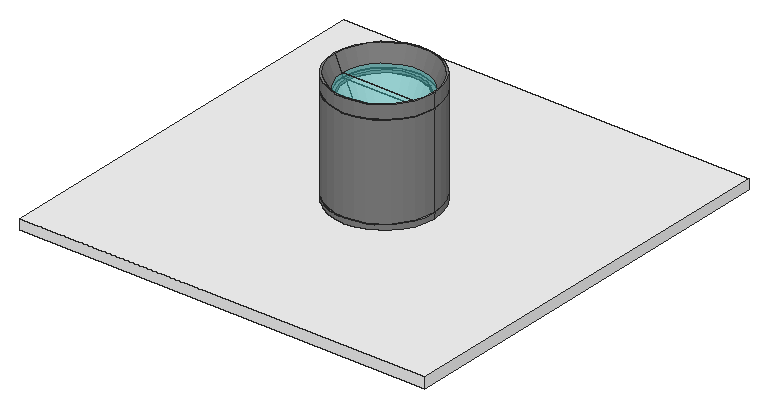
Revit family "24425_BEGA_Revit", category Lighting Fixtures, host Face, Revit 2019
Family settings
  Host = Face
  Round Connector Dimension = Use Diameter
  Part Type = Normal
  Cut with Voids When Loaded = Yes
  Light Source = Yes
  Shared = No
  Room Calculation Point = Yes
Parameters (values of type "24425_BEGA_Revit")
  Voltage = 120 V
  Update = "2019-07-01T04:00:23"
  URL = "www.bega-us.com"
  Type Image = BEGA_Logo.png
  Type Comments = "© 2019 BEGA. Technical amendments reserved."
  Serial_number [instance] = "Here you can enter the individual serial number for use in facility management."
  Protection_class = "IP 65"
  Product_data_sheet = "www.bega-us.com"
  Order_number = "24425"
  Model = "24425"
  Material_17 = BEGA_reflector
  Material_15 = BEGA_lighting_medium_matt
  Material_11 = BEGA_glass_opal
  Material_09 = BEGA_glass_clear
  Material_06 = BEGA_finishes_stainless_steel_brushed
  Material_03 = BEGA_finishes_white_matt
  Material_02 = BEGA_finishes_silver_matt
  Material_01 [instance] = BEGA_finishes_graphite_matt
  Manufacturer = "BEGA"  # constant formula
  M_W = no
  M_G = yes
  M_A = no
  Luminaire_luminous_flux = "766 lm"
  Logo = 0
  Load_Classification = Lighting
  Lamp = "LED 8.0 W"
  Half_beam_angle = ""
  Fixing_hole = "Ø 4,3 mm"
  Fixing_distance = "76 mm"
  built-in parameter 1150104 = 11.148 (stored number, unit not read)
  Wattage = 6.38333 W
  Description = "Ceiling mounted downlight"
  Default Elevation = 0 mm
  built-in parameter 1150113 = 1 (stored number, unit not read)
  Connected_wattage [instance] = "12.0 W"
  Colour_temperature = "4000 K"
  Colour_rendering_index = "CRI > 80"
  Bega_IES = yes
  built-in parameter 1114218 = 1 (stored number, unit not read)
  built-in parameter 1150134 = 12
  built-in parameter 1150109 = 1 (stored number, unit not read)
  built-in parameter 1150110 = 1 (stored number, unit not read)
  Tilt Angle = 0.00°
  built-in parameter 1114217 = 1 (stored number, unit not read)
  built-in parameter 1150139 = (empty or 0)
  built-in parameter 1150105 = 60.956 (stored number, unit not read)
  built-in parameter 1150114 = 1 (stored number, unit not read)
  Lumens = 766 lm
  built-in parameter 1150115 = 1 (stored number, unit not read)
  built-in parameter 1150112 = 1 (stored number, unit not read)
  Dimming Lamp Color Temperature Shift = <None>
  Color Filter = 16777215
  BEGA_internal_structure = yes
  BEGA_internal_on = yes
  BEGA_internal_off = yes
  BEGA_internal = yes
  BEGA_dummy = no
  built-in parameter 1150133 = 10 (stored number, unit not read)
  built-in parameter 1150137 = (empty or 0)
  built-in parameter 1150132 = 2
  Photometric Web File = "24425K4_BEGA_IES.IES"
  built-in parameter 1150106 = 0.60956 (stored number, unit not read)
  built-in parameter 1150107 = 4000 (stored number, unit not read)
  built-in parameter 1150102 = (empty or 0)
  built-in parameter 1150138 = (empty or 0)
  Apparent Load = 0 VA
Reference planes
  plane 1 "Center (Front/Back)": y = 0
  plane 2: z = 0
  plane 3 "Center (Left/Right)": x = 0
  plane 4 "left": x = -50
  plane 5 "right": x = 50
  plane 6 "down": y = -50
  plane 7 "up": y = 50
  plane 8 "Back": z = 0
  plane 9 "Front": z = 111.4
Forms (mm)
  Extrusion 1, solid, material "BEGA_plate_white"
    sketch origin (0, 0, 0) x (1, 0, 0) y (0, 1, 0)
      loop
        line (-200, 200) -> (-200, -200) -> (200, -200) -> (200, 200) -> (-200, 200)
    from 0 to -10
  Extrusion 2, solid, material "BEGA_Dummy_matt", visible <- "BEGA_dummy"
    sketch origin (77.149, -76.023, 0) x (1, 0, 0) y (0, 1, 0)
      loop
        circle (-77.149, 76.023) r 50
    from 0 to 111.4
Dimensions and locks
  aligned and locked: plane 2 to Extrusion 1
  aligned and locked: level to Extrusion 1
Nested families
  nested 1: "24425_BEGA_Revit" at (0, 0, 0), type "24425_BEGA_Revit"
Connectors
  electrical at (0, 0, 0), driven by "Apparent Load", driven by "Load_Classification", driven by "Voltage"
    settings: on Extrusion 1, index 1, voltage 120 V, apparent load 0 VA, apparent load phase1 0 VA, apparent load phase2 0 VA, apparent load phase3 0 VA, power factor 1, load classification "Lighting", number of poles 1, system type 31, power factor state 1, is connector primary yes, connector utility no, sub classification motor no, connector description ""
Definition of nested family "24425_BEGA_Revit"
  Parameters (values of type "BE_24399")
    Default Elevation = 1 mm
    URL = "http://www.bega.de/de/produkt"
    Type Comments = "© 2015 BEGA. Wir behalten uns das Recht vor, technische Änderungen ohne vorherige Ankündigung vorzunehmen. "  # constant formula
    Type Image = (empty or 0)
    Neigungswinkel_um_Z2 = 0.00°
    Neigungswinkel_um_Z1 = 0.00°
    Neigungswinkel_um_Y2 = 0.00°
    Neigungswinkel_um_Y1 = 0.00°
    Neigungswinkel_um_X2 = 0.00°
    Neigungswinkel_um_X1 = 0.00°
    Material_17 = none
    Material_15 = none
    Material_11 = none
    Material_09 = none
    Material_06 = none
    Material_03 = none
    Material_02 = none
    Material_01 = none
    M_W = yes
    M_G = yes
    M_A = yes
    Länge_Platte = 200 mm  # constant formula
    Höhe_Platte = -10 mm  # constant formula
    Manufacturer = "BEGA"  # constant formula
    Drehwinkel_um_Z2 = 0.00°
    Drehwinkel_um_Z1 = 0.00°
    Breite_Platte = 200 mm  # constant formula
  Reference planes
    plane 1 "Mitte (Oben/Unten)": y = 0
    plane 2: z = 0
    plane 3 "Mitte (Links/Rechts)": x = 0
    plane 4 "Vorne": z = 111.4
    plane 5 "Hinten": z = -25
    plane 6 "Links": x = -50
    plane 7 "Oben": y = 50
    plane 8 "Unten": y = -50
    plane 9: x = 50
  Forms (mm)
    Extrusion 1, solid, detail levels medium
      sketch origin (0, 0, 0) x (1, 0, 0) y (0, 1, 0)
        loop
          line (-100, 100) -> (-100, -100) -> (100, -100) -> (100, 100) -> (-100, 100)
      from 0 to -10 <- "Höhe_Platte"
    Revolve 2, solid, material <- "Material_01", visible <- "M_G"
      sketch origin (0, 0, 0) x (1, 0, 0) y (0, 0, 1)
        loop
          line (-50, 111.4) -> (-50, 98.417) -> (-47.884, 98.194) -> (-45.886, 94.734) -> (-47, 94.091) -> (-47, 85.55) -> (-45.078, 84.9) -> (-42.843, 84.9) -> (-42.651, 90.4) -> (-38.087, 90.4) -> (-38, 92.9) -> (-41.306, 92.9) -> (-48.5, 111.4) -> (-50, 111.4)
        axis (0, 111.4) -> (0, 84.9)
      angle from 0 to 360
    Revolve 3, solid, material <- "Material_01", visible <- "M_G"
      sketch origin (0, 0, 0) x (1, 0, 0) y (0, 0, 1)
        loop
          line (-50, 97.4) -> (-50, 6) -> (-47.965, 6) -> (-47.303, 24.964) -> (-40.001, 24.964) -> (-39.417, 41.7) -> (0, 41.7) -> (0, 46.7) -> (-38.893, 46.7) -> (-40, 78.398) -> (-47.293, 78.398) -> (-48, 94.4) -> (-49.092, 97.4) -> (-50, 97.4)
        axis (0, 6) -> (0, 97.4)
      angle from 0 to 360
    Revolve 4, solid, material <- "Material_17"
      sketch origin (0, 0, 0) x (1, 0, 0) y (0, 0, 1)
        loop
          line (-41.5, 89.2) -> (-38.478, 89.2)
          arc (-38.478, 89.2) -> (-29.406, 69.485) -> (-18.265, 50.861) r 201.35
          arc (-18.265, 50.861) -> (-17.747, 50.387) -> (-17.071, 50.2) r 1.5
          line (-17.071, 50.2) -> (-15.5, 50.2)
          arc (-15.5, 50.2) -> (-15.113, 50.384) -> (-15.01, 50.8) r 0.5
          arc (-15.01, 50.8) -> (-15.113, 51.216) -> (-15.5, 51.4) r 0.5
          line (-15.5, 51.4) -> (-16.996, 51.4)
          arc (-16.996, 51.4) -> (-28.322, 70.334) -> (-37.493, 90.4) r 199.946
          line (-37.493, 90.4) -> (-41.458, 90.4) -> (-41.5, 89.2)
        axis (0, 50.2) -> (0, 90.4)
      angle from 0 to 360
    Revolve 5, solid, material <- "Material_09"
      sketch origin (0, 0, 0) x (1, 0, 0) y (0, 0, 1)
        loop
          line (0, 97) -> (-41, 97) -> (-41, 92.9) -> (0, 92.9) -> (0, 97)
        axis (0, 92.9) -> (0, 97)
      angle from 0 to 360
    Revolve 6, solid, material <- "Material_03", visible <- "M_W"
      sketch origin (0, 0, 0) x (1, 0, 0) y (0, 0, 1)
        loop
          line (-50, 111.4) -> (-50, 98.417) -> (-47.884, 98.194) -> (-45.886, 94.734) -> (-47, 94.091) -> (-47, 85.55) -> (-45.078, 84.9) -> (-42.843, 84.9) -> (-42.651, 90.4) -> (-38.087, 90.4) -> (-38, 92.9) -> (-41.306, 92.9) -> (-48.5, 111.4) -> (-50, 111.4)
        axis (0, 111.4) -> (0, 84.9)
      angle from 0 to 360
    Revolve 7, solid, material <- "Material_03", visible <- "M_W"
      sketch origin (0, 0, 0) x (1, 0, 0) y (0, 0, 1)
        loop
          line (-50, 97.4) -> (-50, 6) -> (-47.965, 6) -> (-47.303, 24.964) -> (-40.001, 24.964) -> (-39.417, 41.7) -> (0, 41.7) -> (0, 46.7) -> (-38.893, 46.7) -> (-40, 78.398) -> (-47.293, 78.398) -> (-48, 94.4) -> (-49.092, 97.4) -> (-50, 97.4)
        axis (0, 6) -> (0, 97.4)
      angle from 0 to 360
    Revolve 8, solid, material <- "Material_15"
      sketch origin (0, 0, 0) x (1, 0, 0) y (0, 0, 1)
        loop
          line (-13.933, 48.423) -> (0, 48.423) -> (0, 49.205) -> (-13.933, 49.205) -> (-13.933, 48.423)
        axis (0, 48.423) -> (0, 49.423)
      angle from 0 to 360
    Revolve 9, solid, material <- "Material_01", visible <- "M_G"
      sketch origin (0, 0, 0) x (1, 0, 0) y (0, 0, 1)
        loop
          line (0, 16) -> (-38.731, 16) -> (-42.91, 16) -> (-42.91, 18.5) -> (-47, 18.5) -> (-47, 5.299) -> (-50, 4.983) -> (-50, 0) -> (-43.105, 0) -> (-42.651, 13) -> (0, 13) -> (0, 16)
        axis (0, 18.5) -> (0, 0)
      angle from 0 to 360
    Extrusion 10, solid, material <- "Material_01", visible <- "M_G"
      sketch origin (0, 0, 0) x (1, 0, 0) y (0, 1, 0)
        loop
          circle (-38, 0) r 6.17
        loop
          circle (38, 0) r 6.17
        loop
          circle (-38, 0) r 2.145
        loop
          circle (38, 0) r 2.145
      from 0 to 19.705
    Revolve 11, solid, material <- "Material_03", visible <- "M_W"
      sketch origin (0, 0, 0) x (1, 0, 0) y (0, 0, 1)
        loop
          line (0, 16) -> (-38.731, 16) -> (-42.91, 16) -> (-42.91, 18.5) -> (-47, 18.5) -> (-47, 5.299) -> (-50, 4.983) -> (-50, 0) -> (-43.105, 0) -> (-42.651, 13) -> (0, 13) -> (0, 16)
        axis (0, 18.5) -> (0, 0)
      angle from 0 to 360
    Extrusion 12, solid, material <- "Material_03", visible <- "M_W"
      sketch origin (0, 0, 0) x (1, 0, 0) y (0, 1, 0)
        loop
          circle (-38, 0) r 6.17
        loop
          circle (38, 0) r 6.17
        loop
          circle (-38, 0) r 2.145
        loop
          circle (38, 0) r 2.145
      from 0 to 19.705
    Extrusion 13, void
      sketch origin (0, 0, 0) x (1, 0, 0) y (0, 1, 0)
        loop
          circle (0, 29) r 7.197
      from 10.843 to 18.77
  Cuts and joins
    Extrusion 13 cuts Revolve 9
    Extrusion 13 cuts Extrusion 10
    joined: Revolve 9, Extrusion 10
    Extrusion 13 cuts Revolve 11
    Extrusion 13 cuts Extrusion 12
    joined: Revolve 11, Extrusion 12
    Extrusion 13 cuts Revolve 3
    Extrusion 13 cuts Revolve 4
    Extrusion 13 cuts Revolve 5
    Extrusion 13 cuts Revolve 7
  Dimensions and locks
    equal spacing: Extrusion 1 sketch curve, plane 3 "Mitte (Links/Rechts)", Extrusion 1 sketch curve
    equal spacing: Extrusion 1 sketch curve, plane 1 "Mitte (Oben/Unten)", Extrusion 1 sketch curve
    "Länge_Platte": Extrusion 1 sketch curve to Extrusion 1 sketch curve
    "Breite_Platte": Extrusion 1 sketch curve to Extrusion 1 sketch curve
    aligned and locked: plane 2 to Extrusion 1
    aligned and locked: level to Extrusion 1
  Automatic sketch dimensions
    Revolve 2 sketch curve to plane 3 "Mitte (Links/Rechts)" = 0 mm
    Revolve 2 sketch curve to Revolve 2 sketch curve = 0.087 mm
    Revolve 2 sketch curve to Revolve 2 sketch curve = 0.192 mm
    Revolve 2 sketch curve to Revolve 2 sketch curve = 2.235 mm
    Revolve 2 sketch curve to Revolve 2 sketch curve = 1.922 mm
    Revolve 2 sketch curve to Revolve 2 sketch curve = 1.998 mm
    Revolve 2 sketch curve to Revolve 2 sketch curve = 0.616 mm
    Revolve 2 sketch curve to Revolve 2 sketch curve = 1.5 mm
    level to Revolve 2 sketch curve = 84.9 mm
    Revolve 2 sketch curve to Revolve 2 sketch curve = 0.65 mm
    Revolve 2 sketch curve to Revolve 2 sketch curve = 5.5 mm
    Revolve 2 sketch curve to Revolve 2 sketch curve = 2.5 mm
    Revolve 2 sketch curve to Revolve 2 sketch curve = 3.691 mm
    Revolve 2 sketch curve to Revolve 2 sketch curve = 0.643 mm
    Revolve 2 sketch curve to Revolve 2 sketch curve = 0.222 mm
    Revolve 2 sketch curve to Revolve 2 sketch curve = 12.983 mm
    Revolve 2 sketch curve to Revolve 2 sketch curve = 3.306 mm
    Revolve 2 sketch curve to Revolve 2 sketch curve = 8.578 mm
    Revolve 2 sketch curve to Revolve 2 sketch curve = 6.422 mm
    Revolve 2 sketch curve to plane 3 "Mitte (Links/Rechts)" = 38 mm
    Revolve 2 sketch curve to Revolve 2 sketch curve = 1.345 mm
    Revolve 2 sketch curve to Revolve 2 sketch curve = 1.114 mm
    Revolve 3 sketch curve to plane 3 "Mitte (Links/Rechts)" = 0 mm  (x2)
    Revolve 3 sketch curve to Revolve 3 sketch curve = 38.893 mm
    Revolve 3 sketch curve to Revolve 3 sketch curve = 0.524 mm
    Revolve 3 sketch curve to Revolve 3 sketch curve = 1.107 mm
    Revolve 3 sketch curve to Revolve 3 sketch curve = 0.584 mm
    Revolve 3 sketch curve to Revolve 3 sketch curve = 7.293 mm
    Revolve 3 sketch curve to Revolve 3 sketch curve = 7.302 mm
    level to Revolve 3 sketch curve = 6 mm
    Revolve 3 sketch curve to Revolve 3 sketch curve = 0.662 mm
    Revolve 3 sketch curve to Revolve 3 sketch curve = 0.707 mm
    Revolve 3 sketch curve to Revolve 3 sketch curve = 1.092 mm
    Revolve 3 sketch curve to Revolve 3 sketch curve = 0.908 mm
    Revolve 3 sketch curve to Revolve 3 sketch curve = 18.964 mm
    Revolve 3 sketch curve to Revolve 3 sketch curve = 16.736 mm
    Revolve 3 sketch curve to Revolve 3 sketch curve = 5 mm
    Revolve 3 sketch curve to Revolve 3 sketch curve = 31.698 mm  (x2)
    Revolve 3 sketch curve to Revolve 3 sketch curve = 16.002 mm
    Revolve 3 sketch curve to Revolve 3 sketch curve = 3 mm
    Revolve 3 sketch curve to Revolve 3 sketch curve = 26.486 mm
    Revolve 4 sketch curve to plane 3 "Mitte (Links/Rechts)" = 0 mm
    Revolve 4 sketch curve to plane 3 "Mitte (Links/Rechts)" = 15.5 mm
    Revolve 4 sketch curve to Revolve 4 sketch curve = 0 mm  (x2)
    Revolve 4 sketch curve to Revolve 4 sketch curve = 1.496 mm
    Revolve 4 sketch curve to Revolve 4 sketch curve = 0.025 mm
    Revolve 4 sketch curve to Revolve 4 sketch curve = 0.075 mm
    Revolve 4 sketch curve to plane 3 "Mitte (Links/Rechts)" = 37.493 mm
    Revolve 4 sketch curve to Revolve 4 sketch curve = 0.985 mm
    Revolve 4 sketch curve to Revolve 4 sketch curve = 2.98 mm
    Revolve 4 sketch curve to Revolve 4 sketch curve = 0.042 mm
    Revolve 4 sketch curve to Revolve 4 sketch curve = 0.037 mm  (x2)
    level to Revolve 4 sketch curve = 50.2 mm
    Revolve 4 sketch curve to Revolve 4 sketch curve = 0.5 mm  (x2)
    Revolve 4 sketch curve to Revolve 4 sketch curve = 0.2 mm
    Revolve 4 sketch curve to Revolve 4 sketch curve = 0.299 mm
    Revolve 4 sketch curve to Revolve 4 sketch curve = 37.501 mm
    Revolve 4 sketch curve to Revolve 4 sketch curve = 1.2 mm
    Revolve 4 sketch curve to Revolve 4 sketch curve = 20 mm
    Revolve 4 sketch curve to Revolve 4 sketch curve = 8.528 mm
    Revolve 5 sketch curve to plane 3 "Mitte (Links/Rechts)" = 0 mm  (x2)
    Revolve 5 sketch curve to Revolve 5 sketch curve = 41 mm
    level to Revolve 5 sketch curve = 92.9 mm
    Revolve 5 sketch curve to Revolve 5 sketch curve = 4.1 mm
    Revolve 5 sketch curve to Revolve 5 sketch curve = 5 mm
    Revolve 5 sketch curve to Revolve 5 sketch curve = 6.689 mm
    Revolve 6 sketch curve to plane 3 "Mitte (Links/Rechts)" = 0 mm
    Revolve 6 sketch curve to plane 3 "Mitte (Links/Rechts)" = 38 mm
    Revolve 6 sketch curve to Revolve 6 sketch curve = 0.087 mm
    Revolve 6 sketch curve to Revolve 6 sketch curve = 3.306 mm
    Revolve 6 sketch curve to Revolve 6 sketch curve = 1.345 mm
    Revolve 6 sketch curve to Revolve 6 sketch curve = 0.192 mm
    Revolve 6 sketch curve to Revolve 6 sketch curve = 2.235 mm
    Revolve 6 sketch curve to Revolve 6 sketch curve = 4.58 mm
    Revolve 6 sketch curve to Revolve 6 sketch curve = 1.922 mm
    Revolve 6 sketch curve to Revolve 6 sketch curve = 1.998 mm
    Revolve 6 sketch curve to Revolve 6 sketch curve = 0.616 mm
    Revolve 6 sketch curve to Revolve 6 sketch curve = 1.5 mm
    level to Revolve 6 sketch curve = 84.9 mm
    Revolve 6 sketch curve to Revolve 6 sketch curve = 0.65 mm
    Revolve 6 sketch curve to Revolve 6 sketch curve = 5.5 mm
    Revolve 6 sketch curve to Revolve 6 sketch curve = 2.5 mm
    Revolve 6 sketch curve to Revolve 6 sketch curve = 3.691 mm
    Revolve 6 sketch curve to Revolve 6 sketch curve = 0.643 mm
    Revolve 6 sketch curve to Revolve 6 sketch curve = 0.222 mm
    Revolve 6 sketch curve to Revolve 6 sketch curve = 12.983 mm
    Revolve 6 sketch curve to Revolve 6 sketch curve = 8.578 mm
    Revolve 6 sketch curve to Revolve 6 sketch curve = 6.422 mm
    Revolve 7 sketch curve to plane 3 "Mitte (Links/Rechts)" = 0 mm  (x2)
    Revolve 7 sketch curve to plane 3 "Mitte (Links/Rechts)" = 38.893 mm
    Revolve 7 sketch curve to Revolve 7 sketch curve = 0.524 mm
    Revolve 7 sketch curve to Revolve 7 sketch curve = 1.107 mm
    Revolve 7 sketch curve to Revolve 7 sketch curve = 0.584 mm
    Revolve 7 sketch curve to Revolve 7 sketch curve = 7.293 mm
    Revolve 7 sketch curve to Revolve 7 sketch curve = 7.302 mm
    level to Revolve 7 sketch curve = 6 mm
    Revolve 7 sketch curve to Revolve 7 sketch curve = 0.662 mm
    Revolve 7 sketch curve to Revolve 7 sketch curve = 0.707 mm
    Revolve 7 sketch curve to Revolve 7 sketch curve = 1.092 mm
    Revolve 7 sketch curve to Revolve 7 sketch curve = 0.908 mm
    Revolve 7 sketch curve to Revolve 7 sketch curve = 18.964 mm
    Revolve 7 sketch curve to Revolve 7 sketch curve = 16.736 mm
    Revolve 7 sketch curve to Revolve 7 sketch curve = 5 mm
    Revolve 7 sketch curve to Revolve 7 sketch curve = 31.698 mm  (x2)
    Revolve 7 sketch curve to Revolve 7 sketch curve = 16.002 mm
    Revolve 7 sketch curve to Revolve 7 sketch curve = 3 mm
    Revolve 7 sketch curve to Revolve 7 sketch curve = 26.486 mm
    Revolve 8 sketch curve to plane 3 "Mitte (Links/Rechts)" = 0 mm  (x2)
    Revolve 8 sketch curve to plane 3 "Mitte (Links/Rechts)" = 13.933 mm
    level to Revolve 8 sketch curve = 48.423 mm
    Revolve 8 sketch curve to Revolve 8 sketch curve = 0.782 mm
    Revolve 8 sketch curve to Revolve 8 sketch curve = 2.192 mm
    Revolve 8 sketch curve to Revolve 8 sketch curve = 2.28 mm
    plane 4 "Vorne" to Revolve 4 sketch curve = 51.954 mm
    Revolve 9 sketch curve to plane 6 "Links" = 0 mm
    Revolve 9 sketch curve to level = 0 mm
    Revolve 9 sketch curve to plane 3 "Mitte (Links/Rechts)" = 0 mm  (x2)
    plane 6 "Links" to Revolve 9 sketch curve = 3 mm
    Revolve 9 sketch curve to Revolve 9 sketch curve = 3.895 mm
    Revolve 9 sketch curve to Revolve 9 sketch curve = 4.09 mm
    Revolve 9 sketch curve to Revolve 9 sketch curve = 0.259 mm
    Revolve 9 sketch curve to Revolve 9 sketch curve = 4.179 mm
    Revolve 9 sketch curve to Revolve 9 sketch curve = 4.983 mm
    Revolve 9 sketch curve to Revolve 9 sketch curve = 0.315 mm
    Revolve 9 sketch curve to Revolve 9 sketch curve = 7.701 mm
    Revolve 9 sketch curve to Revolve 9 sketch curve = 3 mm
    Revolve 9 sketch curve to Revolve 9 sketch curve = 2.5 mm
    Revolve 9 sketch curve to Revolve 9 sketch curve = 4.431 mm
    Revolve 9 sketch curve to Revolve 9 sketch curve = 13.732 mm
    Extrusion 10 sketch curve to Extrusion 10 sketch curve = 0 mm  (x4)
    Extrusion 10 sketch curve to plane 1 "Mitte (Oben/Unten)" = 0 mm  (x2)
    plane 6 "Links" to Extrusion 10 sketch curve = 12 mm
    plane 9 to Extrusion 10 sketch curve = 12 mm
    Revolve 11 sketch curve to plane 6 "Links" = 0 mm
    Revolve 11 sketch curve to level = 0 mm
    Revolve 11 sketch curve to plane 3 "Mitte (Links/Rechts)" = 0 mm  (x2)
    plane 6 "Links" to Revolve 11 sketch curve = 3 mm
    Revolve 11 sketch curve to Revolve 11 sketch curve = 3.895 mm
    Revolve 11 sketch curve to Revolve 11 sketch curve = 4.09 mm
    Revolve 11 sketch curve to Revolve 11 sketch curve = 0.259 mm
    Revolve 11 sketch curve to Revolve 11 sketch curve = 4.179 mm
    Revolve 11 sketch curve to Revolve 11 sketch curve = 4.983 mm
    Revolve 11 sketch curve to Revolve 11 sketch curve = 0.315 mm
    Revolve 11 sketch curve to Revolve 11 sketch curve = 7.701 mm
    Revolve 11 sketch curve to Revolve 11 sketch curve = 3 mm
    Revolve 11 sketch curve to Revolve 11 sketch curve = 2.5 mm
    Revolve 11 sketch curve to Revolve 11 sketch curve = 4.431 mm
    Revolve 11 sketch curve to Revolve 11 sketch curve = 13.732 mm
    Extrusion 12 sketch curve to Extrusion 12 sketch curve = 0 mm  (x4)
    Extrusion 12 sketch curve to plane 1 "Mitte (Oben/Unten)" = 0 mm  (x2)
    plane 6 "Links" to Extrusion 12 sketch curve = 12 mm
    plane 9 to Extrusion 12 sketch curve = 12 mm
    radius of Extrusion 10 sketch curve = 6.17 mm  (x2)
    radius of Extrusion 10 sketch curve = 2.145 mm  (x2)
    radius of Extrusion 12 sketch curve = 6.17 mm  (x2)
    radius of Extrusion 12 sketch curve = 2.145 mm  (x2)
